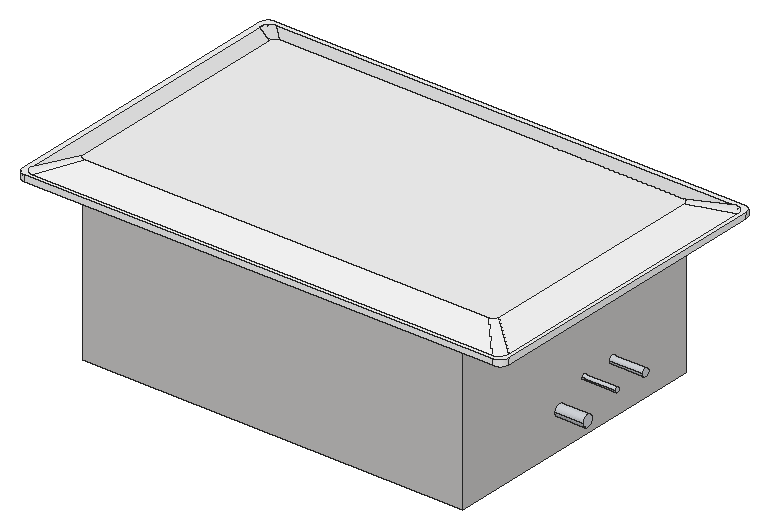
Revit family "Indoor_Unit-VRF-Ductless-JCI-2_Way_Cassette-1.5_2Ton-208_230V", category Mechanical Equipment, host Face, Revit 2014
Parameters (values of type "1.5 Ton - 208V /1PH 60Hz")
  Width = 33 7/8"
  Voltage = 208 V
  URL = "http://www.johnsoncontrols.com"
  Type Comments = "1.5 Ton Indoor Unit"
  Sound Pressure Level = "34 dB"
  Show Clearance [instance] = no
  Refrigerant Used = "R410A"  # constant formula
  Refrigerant Charge = 0.00 lbf
  Product Page URL = "http://www.johnsoncontrols.com/content/us/en/products/building_efficiency/products-and-systems/integrated_hvac_systems/Industrial___Commercial_HVAC_Equipment/Variable_Refrigerant_Flow_Systems_.html"
  Product Documentation Link = "http://www.johnsoncontrols.com/~/media/jci/be/united-states/hvac-equipment/variable-refrigerant-flow/files/2016-york-vrf-catalog_050216-final-v5-digital-single-pgs.pdf"
  Power Factor = 1
  Phase = 1
  Nominal Heating Capacity = 20000.0 Btu/h
  Nominal Cooling Capacity = 18000.0 Btu/h
  Net Weight = 55.10 lbf
  Model = "(Y,H)IC2018B21S"
  Minimum Circuit Ampacity = 0.8 A
  Manufacturer = "Johnson Controls Inc."  # constant formula
  Liquid Line Radius = Liquid Connection Diameter / 2  # 3/16"
  Liquid Connection Diameter = 3/8"
  Height = 13 9/16"
  Heating Nominal Input Power = 57 W
  Gross Weight = Net Weight + 16.50 lbf  # 71.60 lbf
  Gas Line Radius = Gas Connection Diameter / 2  # 5/16"
  Gas Connection Diameter = 5/8"
  Full Load Current = 0 A
  Frequency = 60 Hz  # constant formula
  Frame Finish = Metal - JCI - Steel - Galvanized - 18ga
  Facing Finish = Metal - JCI - Aluminum - Powder Coated - Pearl White
  Drain Pipe Radius = Drain Connection Size / 2  # 31/64"
  Drain Connection Size = 31/32"
  Description = "VRF Indoor 2-Way-Cassette"  # constant formula
  Depth = 24 13/16"
  Default Elevation = 94 1/2"
  Copyright © = "2016 Johnson Controls Inc."  # constant formula
  Cooling Nominal Input Power = 57 W
  Clearance Offset Top [instance] = 13/32"
  Clearance Offset Right [instance] = 3 15/16"
  Clearance Offset Left [instance] = 3 15/16"
  Clearance Offset Front [instance] = 19 11/16"
  Clearance Offset Bottom [instance] = 94 1/2"
  Clearance Offset Back [instance] = 19 11/16"
  CTRL Ceiling Opening = Width + 1 25/64" + 1 25/64"  # 36 21/32"
  Assembly Code = "D3040100"
  Apparent Load = 0 VA
  Air Flow Rate = 653 CFM
Reference planes (in)
  plane 1 "Center (Front/Back)": y = 0
  plane 2 "Original Bottom": z = 0
  plane 3 "Center (Left/Right)": x = 0
  plane 4 "Back": y = 12.40625
  plane 5 "Front": y = -12.40625
  plane 6 "Left": x = -16.9375
  plane 7 "Right": x = 16.9375
  plane 8 "Ceiling Opening Right": x = 20.86048
  plane 9 "Ceiling Opening Left": x = -20.86048
  plane 10 "Ceiling Opening Back": y = 13.1875
  plane 11 "Ceiling Opening Front": y = -13.1875
  plane 12 "Face Panel Right": x = 21.64173
  plane 13 "Face Panel Left": x = -21.64173
  plane 14 "Face Panel Back": y = 13.96875
  plane 15 "Face Panel Front": y = -13.96875
  plane 16 "Frame Bottom": z = -13.5625
  plane 17 "Frame Top": z = 0
  plane 18 "Panel Face": z = 1.375
  plane 19 "Top Offset": z = 0.5
  plane 20 "Gas Pipe Right": x = 19.98908
  plane 21 "Liquid Pipe Right": x = 19.98908
  plane 22 "Drain Pipe Right": x = 19.53125
  plane 23 "Panel Slope L": x = -18.4915
  plane 24 "Panel Slope R": x = 18.47212
  plane 25 "Panel Slope F": y = -10.875
  plane 26 "Panel Slope B": y = 10.875
  plane 27 "Air Inlet F": y = -5.78424
  plane 28 "Air Inlet B": y = 5.78424
  plane 29 "Air Outlet R": x = 18.2184
  plane 30 "Air Outlet L": x = -18.2184
  plane 31 "Gas Pipe F/B": y = 4.09225
  plane 32 "Liquid Pipe F/B": y = 0.9424
  plane 33 "Drain Pipe F/B": y = -1.78125
  plane 34 "Drain Pipe Height": z = -10.25
  plane 35 "Liquid Pipe Height": z = -8.8125
  plane 36 "Gas Pipe Height": z = -8.8125
  plane 37 "Clearance Back": y = 33.65625
  plane 38 "Clearance Front": y = -33.65625
  plane 39 "Clearance Right": x = 25.57923
  plane 40 "Clearance Left": x = -25.57923
  plane 41 "Clearance Top": z = 94.5
  plane 42 "Clearance Bottom": z = -13.96875
Forms (in)
  Extrusion 1, solid, material "Metal - JCI - Steel - Galvanized - 18ga" <- "Frame Finish"
    sketch origin (0, 0, 0) x (1, 0, 0) y (0, 1, 0)
      loop
        line (-16.9375, 12.40625) -> (-16.9375, -12.40625) -> (16.9375, -12.40625) -> (16.9375, 12.40625) -> (-16.9375, 12.40625)
    from -13.5625 to 0
  Sweep 2, void
    path origin (0, 0, 0) x (1, 0, 0) y (0, 0, 1)
      loop
        line (0, 1.375) -> (0, -13.5625)
    profile origin (0, 0, -6.09375) x (0, -1, 0) y (1, 0, 0)
      loop
        line (-13.1875, -20.86048) -> (13.1875, -20.86048) -> (13.1875, 20.86048) -> (-13.1875, 20.86048) -> (-13.1875, -20.86048)
  Sweep 3, solid, material "Metal - JCI - Aluminum - Powder Coated - Pearl White" <- "Facing Finish"
    path origin (0, 0, 0) x (1, 0, 0) y (0, 1, 0)
      loop
        arc (-20.86048, 13.96875) -> (-21.4129, 13.73993) -> (-21.64173, 13.1875) r 0.78125
        line (-21.64173, 13.1875) -> (-21.64173, -13.1875)
        arc (-21.64173, -13.1875) -> (-21.4129, -13.73993) -> (-20.86048, -13.96875) r 0.78125
        line (-20.86048, -13.96875) -> (20.86048, -13.96875)
        arc (20.86048, -13.96875) -> (21.4129, -13.73993) -> (21.64173, -13.1875) r 0.78125
        line (21.64173, -13.1875) -> (21.64173, 13.1875)
        arc (21.64173, 13.1875) -> (21.4129, 13.73993) -> (20.86048, 13.96875) r 0.78125
        line (20.86048, 13.96875) -> (-20.86048, 13.96875)
    profile origin (0, 13.96875, 0) x (0, 1, 0) y (0, 0, 1)
      loop
        line (0, 0) -> (0, 0.5) -> (-0.75, 0.5) -> (-0.75, 0) -> (0, 0)
  SweptBlend 4, solid, material "Metal - JCI - Aluminum - Powder Coated - Pearl White" <- "Facing Finish"
    path origin (0, 0, 0) x (1, 0, 0) y (0, 0, 1)
      loop
        line (0, 0.5) -> (0, 1.375)
    profile origin (0, 0, 0.5) x (-1, 0, 0) y (0, -1, 0)
      loop
        arc (20.39744, -13.57527) -> (20.99324, -13.32848) -> (21.24003, -12.73267) r 0.84259
        line (21.24003, -12.73267) -> (21.24003, 12.78832)
        arc (21.24003, 12.78832) -> (21.00954, 13.34477) -> (20.45309, 13.57526) r 0.78695
        line (20.45309, 13.57526) -> (-20.39557, 13.57526)
        arc (-20.39557, 13.57526) -> (-20.9985, 13.32552) -> (-21.24824, 12.72259) r 0.85268
        line (-21.24824, 12.72259) -> (-21.24824, -12.71926)
        arc (-21.24824, -12.71926) -> (-20.99752, -13.32455) -> (-20.39223, -13.57527) r 0.85601
        line (-20.39223, -13.57527) -> (20.39744, -13.57527)
    end profile origin (0, 0, 1.375) x (-1, 0, 0) y (0, -1, 0)
      loop
        arc (-17.97212, 10.875) -> (-18.32567, 10.72855) -> (-18.47212, 10.375) r 0.5
        line (-18.47212, 10.375) -> (-18.47212, -10.375)
        arc (-18.47212, -10.375) -> (-18.32567, -10.72855) -> (-17.97212, -10.875) r 0.5
        line (-17.97212, -10.875) -> (17.9915, -10.875)
        arc (17.9915, -10.875) -> (18.34506, -10.72855) -> (18.4915, -10.375) r 0.5
        line (18.4915, -10.375) -> (18.4915, 10.375)
        arc (18.4915, 10.375) -> (18.34506, 10.72855) -> (17.9915, 10.875) r 0.5
        line (17.9915, 10.875) -> (-17.97212, 10.875)
  Sweep 5, solid
    path origin (0, 0, -8.8125) x (-1, 0, 0) y (0, -1, 0)
      loop
        line (-16.9375, -4.09225) -> (-19.98908, -4.09225)
    profile origin (18.46329, 4.09225, -8.8125) x (0, 1, 0) y (0, 0, 1)
      loop
        circle (0, 0) r 0.3125
  Sweep 6, solid
    path origin (0, 0, -8.8125) x (-1, 0, 0) y (0, -1, 0)
      loop
        line (-16.9375, -0.9424) -> (-19.98908, -0.9424)
    profile origin (18.46329, 0.9424, -8.8125) x (0, 1, 0) y (0, 0, 1)
      loop
        circle (0, 0) r 0.1875
  Sweep 7, solid
    path origin (0, 0, -10.25) x (-1, 0, 0) y (0, -1, 0)
      loop
        line (-16.9375, 1.78125) -> (-19.53125, 1.78125)
    profile origin (18.23438, -1.78125, -10.25) x (0, 1, 0) y (0, 0, 1)
      loop
        circle (0, 0) r 0.48438
  Extrusion 8, solid, material "Clearance", visible <- "Show Clearance"
    sketch origin (0.77142, -0.03631, 0) x (-1, 0, 0) y (0, -1, 0)
      loop
        line (26.35064, -33.69256) -> (26.35064, 33.61994) -> (-24.80781, 33.61994) -> (-24.80781, -33.69256) -> (26.35064, -33.69256)
    from -13.96875 to 94.5
Lines and regions (in)
  Split face 1
    outline origin (-0.0026, 13.57527, 0.5) x (-1, 0, 0) y (0, -0.951302, 0.308262)
      loop
        line (-13.71559, 2.83848) -> (-13.71559, 1.62388) -> (13.71038, 1.62388) -> (13.71038, 2.83848) -> (-13.71559, 2.83848)
  Split face 2
    outline origin (-0.00969, 0, 1.375) x (1, 0, 0) y (0, 1, 0)
      loop
        line (-18.20871, -5.78424) -> (18.22809, -5.78424) -> (18.22809, 5.78424) -> (-18.20871, 5.78424) -> (-18.20871, -5.78424)
  Masking region 1
    outline origin (0, 0, 0.5) x (-1, 0, 0) y (0, -1, 0)
      loop
        line (21.64173, -13.96875) -> (21.64173, 13.96875) -> (-21.64173, 13.96875) -> (-21.64173, -13.96875) -> (21.64173, -13.96875)
  Masking region 2
    outline origin (0, 0, -13.5625) x (-1, 0, 0) y (0, -1, 0)
      loop
        line (16.9375, -12.40625) -> (16.9375, 12.40625) -> (-16.9375, 12.40625) -> (-16.9375, -12.40625) -> (16.9375, -12.40625)
  Masking region 3
    outline origin (0, 0, -8.8125) x (-1, 0, 0) y (0, -1, 0)
      loop
        line (-16.9375, -12.40625) -> (16.9375, -12.40625) -> (16.9375, 12.40625) -> (-16.9375, 12.40625) -> (-16.9375, -12.40625)
  Split face 3
    outline origin (-0.02876, -13.57526, 0.5) x (1, 0, 0) y (0, 0.951302, 0.308262)
      loop
        line (13.74175, 2.83181) -> (-13.68423, 2.83181) -> (-13.68423, 1.62388) -> (13.74175, 1.62388) -> (13.74175, 2.83181)
  Split face 4
    outline origin (-0.00969, 0, 1.375) x (1, 0, 0) y (0, 1, 0)
      loop
        line (13.72268, -10.86711) -> (13.72268, -10.05658) -> (-13.70329, -10.05658) -> (-13.70329, -10.86711) -> (13.72268, -10.86711)
  Split face 5
    outline origin (-0.00969, 0, 1.375) x (1, 0, 0) y (0, 1, 0)
      loop
        line (13.72268, 10.87109) -> (-13.70329, 10.87109) -> (-13.70329, 10.05658) -> (13.72268, 10.05658) -> (13.72268, 10.87109)
  symbolic lines, detail levels medium+fine
    curve 1: line (-18.4915, 10.375, 1.375) -> (-18.4915, -10.375, 1.375)
    curve 2: arc (-18.4915, -10.375, 1.375) -> (-18.34506, -10.72855, 1.375) -> (-17.9915, -10.875, 1.375) r 0.5
    curve 3: line (-17.9915, -10.875, 1.375) -> (17.97212, -10.875, 1.375)
    curve 4: arc (17.97212, -10.875, 1.375) -> (18.32567, -10.72855, 1.375) -> (18.47212, -10.375, 1.375) r 0.5
    curve 5: line (18.47212, -10.375, 1.375) -> (18.47212, 10.375, 1.375)
    curve 6: arc (18.47212, 10.375, 1.375) -> (18.32567, 10.72855, 1.375) -> (17.97212, 10.875, 1.375) r 0.5
    curve 7: line (17.97212, 10.875, 1.375) -> (-17.9915, 10.875, 1.375)
    curve 8: arc (-17.9915, 10.875, 1.375) -> (-18.34506, 10.72855, 1.375) -> (-18.4915, 10.375, 1.375) r 0.5
  symbolic lines, detail levels fine
    curve 9: line (-18.2184, 5.78424, 1.375) -> (18.2184, 5.78424, 1.375)
    curve 10: line (-18.2184, -5.78424, 1.375) -> (-18.2184, 5.78424, 1.375)
    curve 11: line (18.2184, -5.78424, 1.375) -> (-18.2184, -5.78424, 1.375)
    curve 12: line (18.2184, 5.78424, 1.375) -> (18.2184, -5.78424, 1.375)
    curve 13: line (-13.71299, 10.87502, 1.375) -> (13.71299, 10.87502, 1.375)
    curve 14: line (13.71299, 10.87502, 1.375) -> (13.71299, 11.97991, 1.375)
    curve 15: line (13.71299, 11.97991, 1.375) -> (-13.71299, 11.97991, 1.375)
    curve 16: line (-13.71299, 11.97991, 1.375) -> (-13.71299, 10.87502, 1.375)
    curve 29: line (-13.71299, -11.97991, 1.375) -> (13.71299, -11.97991, 1.375)
    curve 30: line (13.71299, -11.97991, 1.375) -> (13.71299, -10.88136, 1.375)
    curve 31: line (13.71299, -10.88136, 1.375) -> (-13.71299, -10.88136, 1.375)
    curve 32: line (-13.71299, -10.88136, 1.375) -> (-13.71299, -11.97991, 1.375)
  model lines, style "Clearance", visible <- "Show Clearance"
    curve 17: line (25.57923, -33.65625, 94.5) -> (-25.57923, -33.65625, 94.5)
    curve 18: line (-25.57923, -33.65625, 94.5) -> (-25.57923, -33.65625, -13.96875)
    curve 19: line (-25.57923, -33.65625, -13.96875) -> (25.57923, -33.65625, -13.96875)
    curve 20: line (25.57923, -33.65625, -13.96875) -> (25.57923, -33.65625, 94.5)
    curve 21: line (-25.57923, 33.65625, 94.5) -> (25.57923, 33.65625, 94.5)
    curve 22: line (25.57923, 33.65625, 94.5) -> (25.57923, 33.65625, -13.96875)
    curve 23: line (25.57923, 33.65625, -13.96875) -> (-25.57923, 33.65625, -13.96875)
    curve 24: line (-25.57923, 33.65625, -13.96875) -> (-25.57923, 33.65625, 94.5)
    curve 25: line (-25.57923, -33.65625, 94.5) -> (-25.57923, 33.65625, 94.5)
    curve 26: line (-25.57923, 33.65625, -13.96875) -> (-25.57923, -33.65625, -13.96875)
    curve 27: line (25.57923, -33.65625, -13.96875) -> (25.57923, 33.65625, -13.96875)
    curve 28: line (25.57923, 33.65625, 94.5) -> (25.57923, -33.65625, 94.5)
  model lines, style "MechanicalEquipment"
    curve 33: line (-16.13292, -7.67298, 1.375) -> (16.13292, -7.67298, 1.375)
    curve 34: line (16.13292, -7.67298, 1.375) -> (16.13292, -5.78424, 1.375)
    curve 35: line (-16.13292, -5.78424, 1.375) -> (-16.13292, -7.67298, 1.375)
    curve 36: line (16.13292, 5.78424, 1.375) -> (16.13292, 7.67298, 1.375)
    curve 37: line (16.13292, 7.67298, 1.375) -> (-16.13292, 7.67298, 1.375)
    curve 38: line (-16.13292, 7.67298, 1.375) -> (-16.13292, 5.78424, 1.375)
Dimensions and locks (in)
  equal spacing: plane 6 "Left", plane 3 "Center (Left/Right)", plane 7 "Right"
  "Width": plane 6 "Left" to plane 7 "Right"
  equal spacing: plane 4 "Back", plane 1 "Center (Front/Back)", plane 5 "Front"
  "Depth": plane 5 "Front" to plane 4 "Back"
  locked: plane 13 "Face Panel Left" to plane 9 "Ceiling Opening Left" at 0.78125
  locked: plane 8 "Ceiling Opening Right" to plane 12 "Face Panel Right" at 0.78125
  equal spacing: plane 9 "Ceiling Opening Left", plane 3 "Center (Left/Right)", plane 8 "Ceiling Opening Right"
  locked: plane 15 "Face Panel Front" to plane 11 "Ceiling Opening Front" at 0.78125
  locked: plane 14 "Face Panel Back" to plane 10 "Ceiling Opening Back" at 0.78125
  equal spacing: plane 10 "Ceiling Opening Back", plane 1 "Center (Front/Back)", plane 11 "Ceiling Opening Front"
  "Height": plane 17 "Frame Top" to plane 16 "Frame Bottom"
  locked: plane 18 "Panel Face" to plane 17 "Frame Top" at 1.375
  locked: plane 19 "Top Offset" to plane 17 "Frame Top" at 0.5
  locked: plane 7 "Right" to plane 24 "Panel Slope R" at 1.53462
  locked: plane 23 "Panel Slope L" to plane 6 "Left" at 1.554
  locked: plane 4 "Back" to plane 26 "Panel Slope B" at 1.53125
  locked: plane 10 "Ceiling Opening Back" to Sweep 3 sketch curve at 0.03125
  plane 14 "Face Panel Back" to SweptBlend 4 sketch curve = 0.39348"
  locked: SweptBlend 4 sketch curve to plane 12 "Face Panel Right" at 0.39348
  locked: plane 13 "Face Panel Left" to SweptBlend 4 sketch curve at 0.40169
  locked: plane 15 "Face Panel Front" to SweptBlend 4 sketch curve at 0.39349
  locked: SweptBlend 4 sketch curve to SweptBlend 4 sketch curve at 1.21058
  locked: SweptBlend 4 sketch curve to SweptBlend 4 sketch curve at 1.19161
  locked: SweptBlend 4 sketch curve to SweptBlend 4 sketch curve at 1.11291
  locked: SweptBlend 4 sketch curve to SweptBlend 4 sketch curve at 1.20587
  locked: SweptBlend 4 sketch curve to SweptBlend 4 sketch curve at 0.70711  (x4)
  plane 29 "Air Outlet R" to plane 12 "Face Panel Right" = 3.42333"
  equal spacing: plane 30 "Air Outlet L", plane 3 "Center (Left/Right)", plane 29 "Air Outlet R"
  locked: plane 17 "Frame Top" to plane 2 "Original Bottom"
  locked: plane 17 "Frame Top" to plane 36 "Gas Pipe Height" at 8.8125
  locked: plane 17 "Frame Top" to plane 35 "Liquid Pipe Height" at 8.8125
  locked: plane 17 "Frame Top" to plane 34 "Drain Pipe Height" at 10.25
  "Clearance Offset Top": plane 16 "Frame Bottom" to plane 42 "Clearance Bottom"
  "Clearance Offset Back": plane 37 "Clearance Back" to plane 14 "Face Panel Back"
  "Clearance Offset Front": plane 38 "Clearance Front" to plane 15 "Face Panel Front"
  "Clearance Offset Left": plane 40 "Clearance Left" to plane 13 "Face Panel Left"
  "Clearance Offset Right": plane 12 "Face Panel Right" to plane 39 "Clearance Right"
  "Clearance Offset Bottom": plane 41 "Clearance Top" to plane 17 "Frame Top"
  locked: plane 4 "Back" to plane 32 "Liquid Pipe F/B" at 11.46385
  locked: plane 4 "Back" to plane 33 "Drain Pipe F/B" at 14.1875
  locked: plane 4 "Back" to plane 31 "Gas Pipe F/B" at 8.314
  locked: plane 7 "Right" to plane 22 "Drain Pipe Right" at 2.59375
  locked: plane 7 "Right" to plane 21 "Liquid Pipe Right" at 3.05158
  locked: plane 7 "Right" to plane 20 "Gas Pipe Right" at 3.05158
  locked: plane 14 "Face Panel Back" to plane 4 "Back" at 1.5625
  locked: plane 7 "Right" to plane 12 "Face Panel Right" at 4.70423
  locked: plane 5 "Front" to plane 25 "Panel Slope F" at 1.53125
  plane 27 "Air Inlet F" to plane 28 "Air Inlet B" = 11.56849"
  locked: plane 30 "Air Outlet L" to Split face 1 sketch curve at 4.50541
  locked: Split face 1 sketch curve to plane 29 "Air Outlet R" at 4.50541
  locked: plane 30 "Air Outlet L" to Split face 3 sketch curve at 4.50541
  locked: Split face 3 sketch curve to plane 29 "Air Outlet R" at 4.50541
  locked: Split face 4 sketch curve to SweptBlend 4 at 0.00789
  locked: Split face 4 sketch curve to SweptBlend 4 at 4.77852
  locked: Split face 4 sketch curve to SweptBlend 4 at 0.81842
  locked: Split face 4 sketch curve to SweptBlend 4 at 4.75913
  "Gas Line Radius": radius of Sweep 5 sketch curve
  "Liquid Line Radius": radius of Sweep 6 sketch curve
  "Drain Pipe Radius": radius of Sweep 7 sketch curve
  aligned and locked: plane 2 "Original Bottom" to host face
  aligned and locked: level to host face
  aligned and locked: Extrusion 1 sketch curve to plane 4 "Back"
  aligned and locked: Extrusion 1 sketch curve to plane 7 "Right"
  aligned and locked: Extrusion 1 sketch curve to plane 5 "Front"
  aligned and locked: Extrusion 1 sketch curve to plane 6 "Left"
  aligned and locked: Extrusion 1 to plane 16 "Frame Bottom"
  aligned and locked: plane 17 "Frame Top" to Extrusion 1
  aligned and locked: Sweep 2 sketch curve to plane 3 "Center (Left/Right)"
  aligned and locked: plane 18 "Panel Face" to Sweep 2 sketch curve
  aligned and locked: plane 16 "Frame Bottom" to Sweep 2 sketch curve
  aligned and locked: Sweep 2 sketch curve to plane 10 "Ceiling Opening Back"
  aligned and locked: Sweep 2 sketch curve to plane 8 "Ceiling Opening Right"
  aligned and locked: Sweep 2 sketch curve to plane 11 "Ceiling Opening Front"
  aligned and locked: Sweep 2 sketch curve to plane 9 "Ceiling Opening Left"
  aligned and locked: plane 3 "Center (Left/Right)" to SweptBlend 4 sketch curve
  aligned and locked: plane 18 "Panel Face" to SweptBlend 4 sketch curve
  aligned and locked: plane 19 "Top Offset" to SweptBlend 4 sketch curve
  aligned and locked: Sweep 3 sketch curve to plane 12 "Face Panel Right"
  aligned and locked: Sweep 3 sketch curve to plane 15 "Face Panel Front"
  aligned and locked: Sweep 3 sketch curve to plane 13 "Face Panel Left"
  aligned and locked: Sweep 3 sketch curve to plane 14 "Face Panel Back"
  aligned and locked: plane 14 "Face Panel Back" to Sweep 3 sketch curve
  aligned and locked: plane 17 "Frame Top" to Sweep 3 sketch curve
  aligned and locked: plane 19 "Top Offset" to Sweep 3 sketch curve
  aligned and locked: plane 8 "Ceiling Opening Right" to Sweep 3 sketch curve  (x2)
  aligned and locked: plane 10 "Ceiling Opening Back" to Sweep 3 sketch curve  (x2)
  aligned and locked: plane 9 "Ceiling Opening Left" to Sweep 3 sketch curve  (x2)
  aligned and locked: plane 11 "Ceiling Opening Front" to Sweep 3 sketch curve  (x2)
  aligned and locked: SweptBlend 4 sketch curve to plane 23 "Panel Slope L"
  aligned and locked: SweptBlend 4 sketch curve to plane 26 "Panel Slope B"
  aligned and locked: SweptBlend 4 sketch curve to plane 24 "Panel Slope R"
  aligned and locked: SweptBlend 4 sketch curve to plane 25 "Panel Slope F"
  aligned and locked: plane 31 "Gas Pipe F/B" to Sweep 5 sketch curve  (x2)
  aligned and locked: plane 36 "Gas Pipe Height" to Sweep 5 sketch curve
  aligned and locked: plane 32 "Liquid Pipe F/B" to Sweep 6 sketch curve  (x2)
  aligned and locked: plane 35 "Liquid Pipe Height" to Sweep 6 sketch curve
  aligned and locked: plane 33 "Drain Pipe F/B" to Sweep 7 sketch curve  (x2)
  aligned and locked: plane 34 "Drain Pipe Height" to Sweep 7 sketch curve
  aligned and locked: plane 28 "Air Inlet B" to Split face 2 sketch curve
  aligned and locked: Split face 2 sketch curve to plane 30 "Air Outlet L"
  aligned and locked: Split face 2 sketch curve to plane 29 "Air Outlet R"
  aligned and locked: plane 27 "Air Inlet F" to Split face 2 sketch curve
  aligned and locked: plane 40 "Clearance Left" to Extrusion 8
  aligned and locked: plane 39 "Clearance Right" to Extrusion 8
  aligned and locked: Extrusion 8 to plane 38 "Clearance Front"
  aligned and locked: plane 37 "Clearance Back" to Extrusion 8
  aligned and locked: plane 41 "Clearance Top" to Extrusion 8
  aligned and locked: Extrusion 8 to plane 42 "Clearance Bottom"
  aligned and locked: Masking region 1 sketch curve to plane 14 "Face Panel Back"
  aligned and locked: Masking region 1 sketch curve to plane 13 "Face Panel Left"
  aligned and locked: Masking region 1 sketch curve to plane 15 "Face Panel Front"
  aligned and locked: Masking region 1 sketch curve to plane 12 "Face Panel Right"
  aligned and locked: curve 2 to SweptBlend 4
  aligned and locked: curve 4 to SweptBlend 4
  aligned and locked: curve 6 to SweptBlend 4
  aligned and locked: curve 8 to SweptBlend 4
  aligned and locked: plane 29 "Air Outlet R" to curve 12
  aligned and locked: curve 11 to plane 27 "Air Inlet F"
  aligned and locked: plane 30 "Air Outlet L" to curve 10
  aligned and locked: curve 9 to plane 28 "Air Inlet B"
  aligned and locked: Masking region 2 sketch curve to plane 4 "Back"
  aligned and locked: Masking region 2 sketch curve to plane 7 "Right"
  aligned and locked: Masking region 2 sketch curve to plane 5 "Front"
  aligned and locked: Masking region 2 sketch curve to plane 6 "Left"
  aligned and locked: Extrusion 1 to Masking region 3 sketch curve  (x4)
  aligned and locked: plane 20 "Gas Pipe Right" to Sweep 5 sketch curve
  aligned and locked: Sweep 5 sketch curve to plane 31 "Gas Pipe F/B"
  aligned and locked: plane 7 "Right" to Sweep 5 sketch curve
  aligned and locked: profile plane to plane 36 "Gas Pipe Height"
  aligned and locked: plane 7 "Right" to Sweep 6 sketch curve
  aligned and locked: Sweep 6 sketch curve to plane 32 "Liquid Pipe F/B"
  aligned and locked: plane 21 "Liquid Pipe Right" to Sweep 6 sketch curve
  aligned and locked: plane 7 "Right" to Sweep 7 sketch curve
  aligned and locked: plane 22 "Drain Pipe Right" to Sweep 7 sketch curve
  aligned and locked: Sweep 7 sketch curve to plane 33 "Drain Pipe F/B"
  aligned and locked: curve 13 to Split face 1
  aligned and locked: curve 16 to Split face 1
  aligned and locked: curve 14 to Split face 1
  aligned and locked: curve 17 to Extrusion 8
  aligned and locked: curve 18 to Extrusion 8
  aligned and locked: curve 19 to Extrusion 8
  aligned and locked: curve 20 to Extrusion 8
  aligned and locked: curve 21 to Extrusion 8
  aligned and locked: curve 22 to Extrusion 8
  aligned and locked: curve 23 to Extrusion 8
  aligned and locked: curve 24 to Extrusion 8
  aligned and locked: curve 25 to Extrusion 8
  aligned and locked: curve 26 to Extrusion 8
  aligned and locked: curve 27 to Extrusion 8
  aligned and locked: curve 28 to Extrusion 8
  aligned and locked: Split face 3 to curve 32
  aligned and locked: curve 31 to Split face 3
Automatic sketch dimensions
  host sketch curve to host sketch curve = 96"  (x2)
  Masking region 2 sketch curve to plane 7 "Right" = 0"
  plane 5 "Front" to Masking region 2 sketch curve = 0"
  Extrusion 8 sketch curve to plane 37 "Clearance Back" = 0"
  Extrusion 8 sketch curve to plane 39 "Clearance Right" = 0"
  Extrusion 8 sketch curve to plane 38 "Clearance Front" = 0"
  Extrusion 8 sketch curve to plane 40 "Clearance Left" = 0"
  curve 25 to plane 37 "Clearance Back" = 0"
  curve 26 to plane 37 "Clearance Back" = 0"
  curve 26 to plane 38 "Clearance Front" = 0"
  curve 25 to plane 38 "Clearance Front" = 0"
  curve 27 to plane 37 "Clearance Back" = 0"
  curve 28 to plane 37 "Clearance Back" = 0"
  curve 28 to plane 38 "Clearance Front" = 0"
  curve 27 to plane 38 "Clearance Front" = 0"
  curve 29 to plane 7 "Right" = 3.22451"
  curve 37 to plane 7 "Right" = 0.80458"
  curve 33 to plane 7 "Right" = 0.80458"
  curve 35 to plane 6 "Left" = 0.80458"
  curve 37 to plane 6 "Left" = 0.80458"
  curve 37 to plane 26 "Panel Slope B" = 3.20202"
  curve 34 to plane 25 "Panel Slope F" = 3.20202"
  curve 14 to plane 4 "Back" = 0.42634"
  curve 30 to plane 5 "Front" = 0.42634"
  SweptBlend 4 to Split face 1 sketch curve = 1.21461"
  SweptBlend 4 to Split face 1 sketch curve = 0"
  SweptBlend 4 to Split face 3 sketch curve = 1.21461"
  SweptBlend 4 to Split face 3 sketch curve = 0.00669"
  Split face 5 sketch curve to SweptBlend 4 = 1/256"
  Split face 5 sketch curve to SweptBlend 4 = 4.77852"
  Split face 5 sketch curve to SweptBlend 4 = 0.81842"
  Split face 5 sketch curve to SweptBlend 4 = 4.75913"
Connectors (in)
  piping at (19.98908, 4.09225, -8.8125), diameter 0.625, driven by "Gas Line Radius"
    settings: on Sweep 5, index 1, connector inside diameter 1/2", connector length 0", flow factor 0, pipe flow 0 GPM, pressure drop 0.00 psi, fitting loss kfactor 0, connector angle 0.00°, fixture units 0, engagement length 0", angle of deflection 0.00°, flow configuration 0, flow direction 0, fitting loss method 0, system type 29, joint type 0, gender type 0, connector reference index -1, connector utility 0, adjustable connector no, is connector primary yes, connector description "Gass Connection"
  piping at (19.98908, 0.9424, -8.8125), diameter 0.375, driven by "Liquid Line Radius"
    settings: on Sweep 6, index 2, connector inside diameter 1/4", connector length 0", flow factor 0, pipe flow 0 GPM, pressure drop 0.00 psi, fitting loss kfactor 0, connector angle 0.00°, fixture units 0, engagement length 0", angle of deflection 0.00°, flow configuration 0, flow direction 0, fitting loss method 0, system type 29, joint type 0, gender type 0, connector reference index -1, connector utility 0, adjustable connector no, is connector primary no, connector description "Liquid Pipe Connection"
  piping at (19.53125, -1.78125, -10.25), diameter 0.96875, driven by "Drain Pipe Radius"
    settings: on Sweep 7, index 3, connector inside diameter 31/32", connector length 0", flow factor 0, pipe flow 0 GPM, pressure drop 0.00 psi, fitting loss kfactor 0, connector angle 0.00°, fixture units 0, engagement length 0", angle of deflection 0.00°, flow configuration 1, flow direction 2, fitting loss method 0, system type 16, joint type 0, gender type 0, connector reference index -1, connector utility 0, adjustable connector no, is connector primary no, connector description "Drain Connection"
  electrical at (-14.09375, 10.65625, -4.625), driven by "Voltage", driven by "Apparent Load", driven by "Power Factor"
    settings: on Extrusion 1, index 4, voltage 208 V, apparent load 0 VA, apparent load phase1 0 VA, apparent load phase2 0 VA, apparent load phase3 0 VA, power factor 1, load classification "HVAC", number of poles 1, system type 30, power factor state 1, is connector primary yes, connector utility no, sub classification motor no, connector description "Electric Power Connection"
